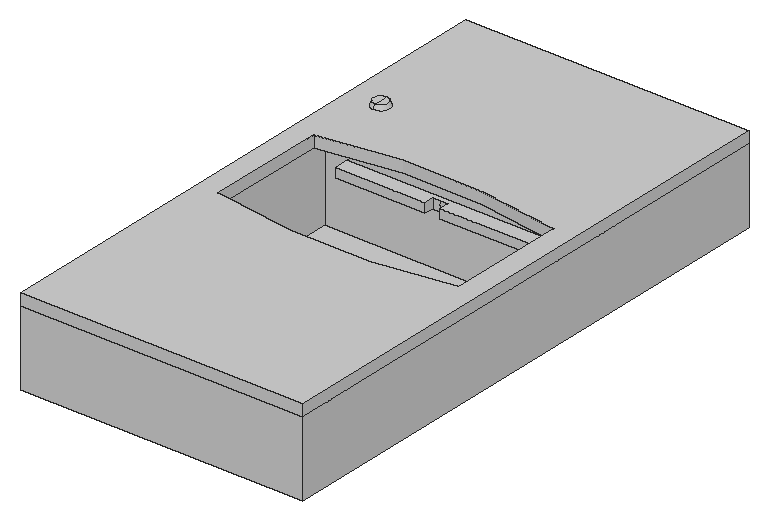
Revit family "SanitaryComboUnit_Metlam_Compact-2-in-1", category Generic Models, host Face, Revit 2013
Parameters (values of type "Metlam Sanitary - Compact Paper/Waste Surface Mounted")
  Width = 365 mm
  Void Depth = -2 mm
  URL = "http://www.metlam.com.au/products/washroom/113"
  Surround Depth = 97 mm
  Surround = yes
  StyleOrType_ANZRS = "Sanitary Ware"
  Product Code = "ML 710 SM"
  Position - Recessed/Suface Mounted = 112 mm
  ModifiedIssue_ANZRS = 130318.01
  Model = "Compact Paper/Waste - Surface Mounted"
  Material = Stainless Steel, Satin
  Manufacturer = "Metlam"
  Keywords = "DISPENSES 350 C-fold paper towels or 475 Multi-fold paper towels. DISPOSAL 6.5L removable S.S. waste container."
  Height = 720 mm
  FilterObject_ANZRS = "Sanitary Combination Unit"
  Description = "Paper Towel Dispenser & Waste"
  Depth = 112 mm
  Default Elevation = 0 mm
  CreatedBy_ANZRS = "RubySketch"
  CreatedByURL_ANZRS = "http://www.rubysketch.com/"
  CreatedByPhoneNo_ANZRS = "1300 844 728"
  Assembly Code = "E1090900"
Types (3, lengths in mm): name | Void Depth | Surround | Product Code | Position - Recessed/Suface Mounted | Model
  (no name) | -2 | yes | "ML 710 SM" | 112 | "Compact Paper/Waste - Surface Mounted"
  Metlam Sanitary - Compact Paper/Waste Recessed | -105 | no | "ML 710" | 15 | "Compact Paper/Waste - Recessed"
  Metlam Sanitary - Compact Paper/Waste Surface Mounted | -2 | yes | "ML 710 SM" | 112 | "Compact Paper/Waste - Surface Mounted"
Reference planes
  plane 1 "Center (Front/Back)": y = 0
  plane 2: z = 0
  plane 3 "Center (Left/Right)": x = 0
  plane 4 "Positioning": z = 112
Forms (mm)
  Extrusion 1, solid, material "Stainless Steel, Satin" <- "Material", detail levels fine
    sketch origin (0, 0, 112) x (0, -1, 0) y (1, 0, 0)
      loop
        line (-268, -155.5) -> (-268, 155.5) -> (-458, 155.5) -> (-458, -155.5) -> (-268, -155.5)
      loop
        line (-266, -157.5) -> (-266, 157.5) -> (-460, 157.5) -> (-460, -157.5) -> (-266, -157.5)
    from -15 to -113
  Extrusion 2, void
    sketch origin (0, 0, 0) x (1, 0, 0) y (0, 0, 1)
      loop
        line (125.5, 85) -> (-125.5, 85) -> (-125.5, 69) -> (125.5, 69) -> (125.5, 85)
    from -254.216 to -472.492
  Extrusion 3, solid, material "Stainless Steel, Satin" <- "Material", detail levels fine
    sketch origin (0, -477, 112) x (0, -1, 0) y (1, 0, 0)
      loop
        line (-937, -125.5) -> (-915, -125.5) -> (-915, -9.5) -> (-927, -9.5) -> (-927, 0) -> (-927, 9.5) -> (-915, 9.5) -> (-915, 125.5) -> (-937, 125.5) -> (-937, -125.5)
    from -27 to -39
  Revolve 4, solid, material "Stainless Steel, Satin" <- "Material", detail levels fine
    sketch origin (-140.5, 530, 0) x (0, 1, 0) y (0, 0, 1)
      loop
        line (0, 112) -> (11.5, 112) -> (9.5, 117) -> (0, 117) -> (0, 112)
      axis (0, 117) -> (0, 112)
    angle from 0 to 360
  Extrusion 5, solid, material "Stainless Steel, Satin" <- "Material", visible <- "Surround", detail levels fine
    sketch origin (0, 0, 0) x (1, 0, 0) y (0, 1, 0)
      loop
        line (-182.5, 720) -> (-182.5, 0) -> (182.5, 0) -> (182.5, 720) -> (-182.5, 720)
      loop
        line (-180.5, 718) -> (-180.5, 2) -> (180.5, 2) -> (180.5, 718) -> (-180.5, 718)
    from 0 to 97
  Extrusion 6, void
    sketch origin (0, 0, 0) x (1, 0, 0) y (0, 1, 0)
      loop
        line (-166.5, 20) -> (166.5, 20) -> (166.5, 700) -> (-166.5, 700) -> (-166.5, 20)
    from 0 to -2 <- "Void Depth"
  Extrusion 7, solid, material "Stainless Steel, Satin" <- "Material", detail levels fine
    sketch origin (0, 0, 112) x (0, -1, 0) y (1, 0, 0)
      loop
        line (-696, -162.5) -> (-24, -162.5) -> (-24, 162.5) -> (-696, 162.5) -> (-696, -162.5)
      loop
        line (-694, -160.5) -> (-26, -160.5) -> (-26, 160.5) -> (-694, 160.5) -> (-694, -160.5)
    from -15 to -113
  Extrusion 8, solid, material "Stainless Steel, Satin" <- "Material", detail levels fine
    sketch origin (0, 0, 112) x (0, -1, 0) y (1, 0, 0)
      loop
        line (-696, -162.5) -> (-24, -162.5) -> (-24, 162.5) -> (-696, 162.5) -> (-696, -162.5)
    from -115 to -113
  Extrusion 9, solid, material "Stainless Steel, Satin" <- "Material", detail levels fine
    sketch origin (0, 0, 112) x (0, -1, 0) y (1, 0, 0)
      loop
        line (0, -182.5) -> (0, 182.5) -> (-720, 182.5) -> (-720, -182.5) -> (0, -182.5)
      loop
        line (-440, -155.5) -> (-286, -155.5)
        arc (-286, -155.5) -> (-269.422, 0) -> (-286, 155.5) r 737.578
        line (-286, 155.5) -> (-440, 155.5)
        arc (-440, 155.5) -> (-456.578, 0) -> (-440, -155.5) r 737.578
    from 0 to -15
Cuts and joins
  Extrusion 2 cuts Extrusion 1
  joined: Extrusion 1, Extrusion 7, Extrusion 8
Lines and regions (mm)
  Masking region 1
    outline origin (0, 0, 0) x (1, 0, 0) y (0, 0, 1)
      loop
        line (182.5, 97) -> (182.5, 112) -> (-182.5, 112) -> (-182.5, 97) -> (182.5, 97)
  Masking region 2
    outline origin (0, 0, 0) x (1, 0, 0) y (0, 0, 1)
      loop
        line (162.5, -3) -> (162.5, 97) -> (-162.5, 97) -> (-162.5, -3) -> (162.5, -3)
  Masking region 3, visible <- "Surround"
    outline origin (0, 0, 0) x (1, 0, 0) y (0, 0, 1)
      loop
        line (182.5, 0) -> (182.5, 97) -> (-182.5, 97) -> (-182.5, 0) -> (182.5, 0)
Dimensions and locks
  "Position - Recessed/Suface Mounted": plane 4 "Positioning" to level
  "Surround Depth": Extrusion 5 to host face
  equal spacing: Extrusion 9 sketch curve, plane 3 "Center (Left/Right)", Extrusion 9 sketch curve
  "Width": Extrusion 9 sketch curve to Extrusion 9 sketch curve
  "Height": Extrusion 9 sketch curve to Extrusion 9 sketch curve
  aligned and locked: plane 2 to host face
  aligned and locked: level to host face
  aligned and locked: Extrusion 5 to level
  aligned and locked: Masking region 2 sketch curve to cut or joined group of Extrusion 1, Extrusion 2, Extrusion 7, Extrusion 8
  aligned and locked: Masking region 3 sketch curve to Extrusion 5  (x2)
Automatic sketch dimensions
  host sketch curve to host sketch curve = 2438.4 mm
  host sketch curve to host sketch curve = 1854.493 mm
  plane 3 "Center (Left/Right)" to Extrusion 1 sketch curve = 157.5 mm
  Extrusion 1 sketch curve to plane 1 "Center (Front/Back)" = 460 mm
  Extrusion 1 sketch curve to Extrusion 1 sketch curve = 2 mm  (x4)
  Extrusion 1 sketch curve to Extrusion 1 sketch curve = 190 mm
  Extrusion 2 sketch curve to plane 4 "Positioning" = 43 mm
  plane 3 "Center (Left/Right)" to Extrusion 2 sketch curve = 125.5 mm
  Extrusion 2 sketch curve to Extrusion 2 sketch curve = 16 mm
  Extrusion 3 sketch curve to plane 3 "Center (Left/Right)" = 0 mm
  Extrusion 3 sketch curve to plane 1 "Center (Front/Back)" = 460 mm
  Extrusion 3 sketch curve to plane 3 "Center (Left/Right)" = 9.5 mm
  Extrusion 3 sketch curve to Extrusion 3 sketch curve = 10 mm
  Extrusion 3 sketch curve to Extrusion 3 sketch curve = 12 mm  (x2)
  plane 3 "Center (Left/Right)" to Extrusion 3 sketch curve = 9.5 mm
  Extrusion 3 sketch curve to Extrusion 3 sketch curve = 116 mm
  Revolve 4 sketch curve to plane 4 "Positioning" = 0 mm
  Revolve 4 sketch curve to plane 1 "Center (Front/Back)" = 530 mm
  plane 4 "Positioning" to Revolve 4 sketch curve = 5 mm
  Revolve 4 sketch curve to Revolve 4 sketch curve = 9.5 mm
  Revolve 4 sketch curve to Revolve 4 sketch curve = 2 mm
  Revolve 4 sketch curve to Revolve 4 sketch curve = 0 mm
  Revolve 4 sketch curve to plane 4 "Positioning" = 5 mm
  Revolve 4 sketch curve to Revolve 4 sketch curve = 25 mm
  Extrusion 1 sketch curve to plane 3 "Center (Left/Right)" = 157.5 mm
  Extrusion 2 sketch curve to plane 3 "Center (Left/Right)" = 125.5 mm
  Extrusion 3 sketch curve to plane 3 "Center (Left/Right)" = 125.5 mm
  plane 3 "Center (Left/Right)" to Extrusion 8 sketch curve = 162.5 mm
  Extrusion 8 sketch curve to plane 1 "Center (Front/Back)" = 696 mm
  Extrusion 8 sketch curve to plane 1 "Center (Front/Back)" = 24 mm
  Extrusion 8 sketch curve to plane 3 "Center (Left/Right)" = 162.5 mm
  Masking region 3 sketch curve to plane 3 "Center (Left/Right)" = 182.5 mm
  Masking region 1 sketch curve to plane 4 "Positioning" = 0 mm
  Masking region 1 sketch curve to plane 4 "Positioning" = 15 mm
  Masking region 1 sketch curve to plane 3 "Center (Left/Right)" = 182.5 mm
  plane 1 "Center (Front/Back)" to Extrusion 9 sketch curve = 0 mm
  Extrusion 9 sketch curve to plane 3 "Center (Left/Right)" = 155.5 mm
  Extrusion 9 sketch curve to plane 3 "Center (Left/Right)" = 0 mm  (x2)
  Extrusion 9 sketch curve to Extrusion 9 sketch curve = 280 mm
  plane 3 "Center (Left/Right)" to Extrusion 9 sketch curve = 155.5 mm
  Extrusion 9 sketch curve to Extrusion 9 sketch curve = 154 mm
  Extrusion 9 sketch curve to Extrusion 9 sketch curve = 287 mm
  plane 1 "Center (Front/Back)" to Extrusion 9 sketch curve = 281 mm
  plane 3 "Center (Left/Right)" to Masking region 1 sketch curve = 182.5 mm
  plane 3 "Center (Left/Right)" to Masking region 3 sketch curve = 182.5 mm
  plane 1 "Center (Front/Back)" to Extrusion 5 sketch curve = 0 mm
  Extrusion 5 sketch curve to plane 3 "Center (Left/Right)" = 182.5 mm
  Extrusion 5 sketch curve to plane 1 "Center (Front/Back)" = 2 mm
  Extrusion 5 sketch curve to Extrusion 5 sketch curve = 2 mm  (x3)
  plane 3 "Center (Left/Right)" to Extrusion 5 sketch curve = 180.5 mm
  Extrusion 5 sketch curve to Extrusion 5 sketch curve = 716 mm
  Masking region 2 sketch curve to plane 3 "Center (Left/Right)" = 162.5 mm
  Masking region 2 sketch curve to plane 4 "Positioning" = 115 mm
  plane 3 "Center (Left/Right)" to Masking region 2 sketch curve = 162.5 mm
  plane 3 "Center (Left/Right)" to Extrusion 7 sketch curve = 162.5 mm
  Extrusion 7 sketch curve to plane 1 "Center (Front/Back)" = 696 mm
  Extrusion 7 sketch curve to plane 1 "Center (Front/Back)" = 24 mm
  Extrusion 7 sketch curve to plane 3 "Center (Left/Right)" = 162.5 mm
  Extrusion 7 sketch curve to Extrusion 7 sketch curve = 2 mm  (x4)
  Extrusion 6 sketch curve to plane 3 "Center (Left/Right)" = 166.5 mm
  Extrusion 6 sketch curve to plane 1 "Center (Front/Back)" = 20 mm
  plane 3 "Center (Left/Right)" to Extrusion 6 sketch curve = 166.5 mm
  Extrusion 6 sketch curve to Extrusion 6 sketch curve = 680 mm
